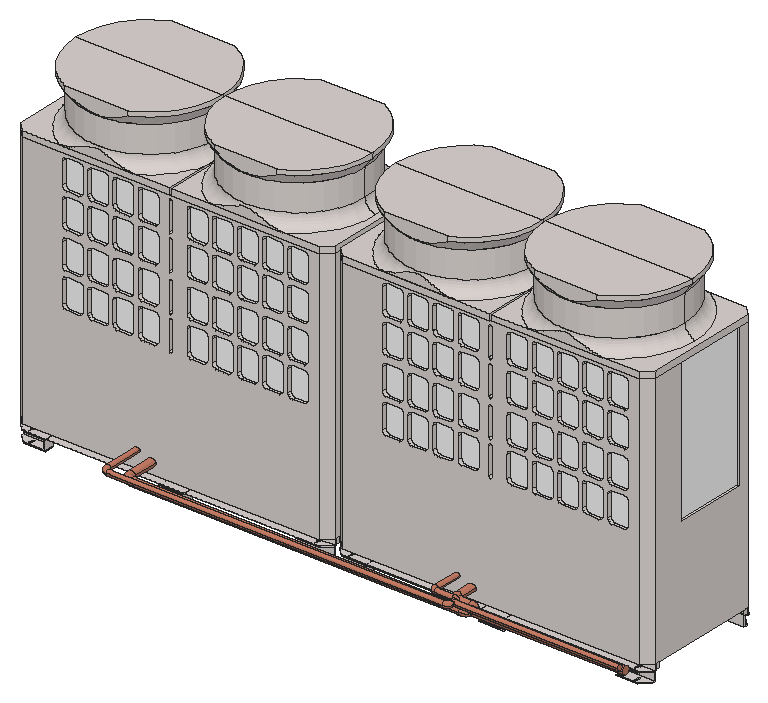
Revit family "PURY-P1000YSNW-A1", category 機械設備, Revit 2016 (continued)
Definition of nested family "PURY-P500YNW-A1"
  Lines and regions (mm)
    model lines
      curve 192: arc (-646, -370, 469) -> (-643.071, -370, 461.929) -> (-636, -370, 459) r 10
      curve 193: line (-191, -370, 584) -> (-636, -370, 584)
      curve 194: line (-636, -370, 564) -> (-191, -370, 564)
      curve 195: arc (-181, -370, 574) -> (-183.929, -370, 581.071) -> (-191, -370, 584) r 10
      curve 196: arc (-191, -370, 564) -> (-183.929, -370, 566.929) -> (-181, -370, 574) r 10
      curve 197: arc (-636, -370, 584) -> (-643.071, -370, 581.071) -> (-646, -370, 574) r 10
      curve 198: arc (-646, -370, 574) -> (-643.071, -370, 566.929) -> (-636, -370, 564) r 10
      curve 199: arc (-233, -370, 245) -> (-240.071, -370, 242.071) -> (-243, -370, 235) r 10
      curve 200: arc (192, 370, 269) -> (184.929, 370, 266.071) -> (182, 370, 259) r 10
      curve 201: arc (182, 370, 259) -> (184.929, 370, 251.929) -> (192, 370, 249) r 10
      curve 202: line (472, -370, 269) -> (192, -370, 269)
      curve 203: line (192, -370, 249) -> (472, -370, 249)
      curve 204: arc (482, -370, 259) -> (479.071, -370, 266.071) -> (472, -370, 269) r 10
      curve 205: arc (472, -370, 249) -> (479.071, -370, 251.929) -> (482, -370, 259) r 10
      curve 206: arc (647, 370, 259) -> (644.071, 370, 266.071) -> (637, 370, 269) r 10
      curve 207: arc (637, 370, 249) -> (644.071, 370, 251.929) -> (647, 370, 259) r 10
    reference lines
      curve 146: line (850.109, 344.891, 1509) -> (850.109, 344.891, 1224)
      curve 147: arc (857.18, 337.82, 1482) -> (850.109, 344.891, 1492) -> (843.038, 351.962, 1482) r 10
      curve 148: arc (843.038, 351.962, 1332) -> (850.109, 344.891, 1322) -> (857.18, 337.82, 1332) r 10
      curve 149: arc (857.18, 337.82, 1282) -> (850.109, 344.891, 1292) -> (843.038, 351.962, 1282) r 10
      curve 150: arc (843.038, 351.962, 1132) -> (850.109, 344.891, 1122) -> (857.18, 337.82, 1132) r 10
      curve 151: arc (857.18, 337.82, 1082) -> (850.109, 344.891, 1092) -> (843.038, 351.962, 1082) r 10
      curve 152: arc (843.038, 351.962, 932) -> (850.109, 344.891, 922) -> (857.18, 337.82, 932) r 10
      curve 153: arc (857.18, 337.82, 889.5) -> (850.109, 344.891, 899.5) -> (843.038, 351.962, 889.5) r 10
      curve 154: arc (843.038, 351.962, 739.5) -> (850.109, 344.891, 729.5) -> (857.18, 337.82, 739.5) r 10
  Dimensions and locks
    nested 3 to level = 60.000 mm
    nested 2 to nested 3 = 1495.000 mm
    nested 2 to nested 2 = 303.000 mm
    cut or joined group 1 (Extrusion 1, Extrusion 2, Extrusion 3, Extrusion 4, Extrusion 5, Extrusion 6, Extrusion 7, Extrusion 8, Extrusion 9, Extrusion 10, Extrusion 11, Extrusion 12, Extrusion 13, Extrusion 14, Extrusion 15, Extrusion 16, Extrusion 17, Extrusion 18, Extrusion 19, Extrusion 20, Extrusion 21, Extrusion 22, Extrusion 23, Extrusion 24, Extrusion 25, Extrusion 26, Extrusion 27, Extrusion 28, Extrusion 29, Extrusion 30, Extrusion 31, Extrusion 32, Extrusion 33, Extrusion 34, Extrusion 35, Extrusion 36, Extrusion 37, Extrusion 38, Extrusion 39, Extrusion 40, Extrusion 41, Extrusion 42, Extrusion 43, Extrusion 44, Extrusion 45, Extrusion 46, Extrusion 47) to cut or joined group 1 = 1750.000 mm
    nested 1 to nested 1 = 870.000 mm
    nested 2 to nested 2 = 870.000 mm
    nested 2 to cut or joined group 1 = 34.000 mm
    Extrusion 2 sketch curve to Extrusion 2 sketch curve = 116.800 mm
    Extrusion 2 sketch curve to Extrusion 2 sketch curve = 170.800 mm
    Extrusion 3 sketch curve to Extrusion 3 sketch curve = 116.800 mm
    Extrusion 3 sketch curve to Extrusion 3 sketch curve = 170.800 mm
    Extrusion 4 sketch curve to Extrusion 4 sketch curve = 116.800 mm
    Extrusion 4 sketch curve to Extrusion 4 sketch curve = 170.800 mm
    Extrusion 5 sketch curve to Extrusion 5 sketch curve = 116.800 mm
    Extrusion 5 sketch curve to Extrusion 5 sketch curve = 170.800 mm
    Extrusion 6 sketch curve to Extrusion 6 sketch curve = 116.800 mm
    Extrusion 6 sketch curve to Extrusion 6 sketch curve = 170.800 mm
    Extrusion 7 sketch curve to Extrusion 7 sketch curve = 116.800 mm
    Extrusion 7 sketch curve to Extrusion 7 sketch curve = 170.800 mm
    Extrusion 8 sketch curve to Extrusion 8 sketch curve = 116.800 mm
    Extrusion 8 sketch curve to Extrusion 8 sketch curve = 170.800 mm
    Extrusion 9 sketch curve to Extrusion 9 sketch curve = 116.800 mm
    Extrusion 9 sketch curve to Extrusion 9 sketch curve = 170.800 mm
    Extrusion 10 sketch curve to Extrusion 10 sketch curve = 116.800 mm
    Extrusion 10 sketch curve to Extrusion 10 sketch curve = 170.800 mm
    Extrusion 11 sketch curve to Extrusion 11 sketch curve = 116.800 mm
    Extrusion 11 sketch curve to Extrusion 11 sketch curve = 170.800 mm
    Extrusion 12 sketch curve to Extrusion 12 sketch curve = 116.800 mm
    Extrusion 12 sketch curve to Extrusion 12 sketch curve = 170.800 mm
    Extrusion 13 sketch curve to Extrusion 13 sketch curve = 116.800 mm
    Extrusion 13 sketch curve to Extrusion 13 sketch curve = 170.800 mm
    Extrusion 14 sketch curve to Extrusion 14 sketch curve = 116.800 mm
    Extrusion 14 sketch curve to Extrusion 14 sketch curve = 170.800 mm
    Extrusion 15 sketch curve to Extrusion 15 sketch curve = 116.800 mm
    Extrusion 15 sketch curve to Extrusion 15 sketch curve = 170.800 mm
    Extrusion 16 sketch curve to Extrusion 16 sketch curve = 116.800 mm
    Extrusion 16 sketch curve to Extrusion 16 sketch curve = 170.800 mm
    Extrusion 17 sketch curve to Extrusion 17 sketch curve = 116.800 mm
    Extrusion 17 sketch curve to Extrusion 17 sketch curve = 170.800 mm
    Extrusion 18 sketch curve to Extrusion 18 sketch curve = 116.800 mm
    Extrusion 18 sketch curve to Extrusion 18 sketch curve = 170.800 mm
    Extrusion 19 sketch curve to Extrusion 19 sketch curve = 116.800 mm
    Extrusion 19 sketch curve to Extrusion 19 sketch curve = 170.800 mm
    Extrusion 20 sketch curve to Extrusion 20 sketch curve = 116.800 mm
    Extrusion 20 sketch curve to Extrusion 20 sketch curve = 170.800 mm
    Extrusion 21 sketch curve to Extrusion 21 sketch curve = 116.800 mm
    Extrusion 21 sketch curve to Extrusion 21 sketch curve = 170.800 mm
    cut or joined group 1 to cut or joined group 1 = 50.000 mm
    Extrusion 22 sketch curve to Extrusion 22 sketch curve = 116.800 mm
    Extrusion 22 sketch curve to Extrusion 22 sketch curve = 170.800 mm
    Extrusion 23 sketch curve to Extrusion 23 sketch curve = 116.800 mm
    Extrusion 23 sketch curve to Extrusion 23 sketch curve = 170.800 mm
    Extrusion 24 sketch curve to Extrusion 24 sketch curve = 116.800 mm
    Extrusion 24 sketch curve to Extrusion 24 sketch curve = 170.800 mm
    Extrusion 25 sketch curve to Extrusion 25 sketch curve = 116.800 mm
    Extrusion 25 sketch curve to Extrusion 25 sketch curve = 170.800 mm
    Extrusion 26 sketch curve to Extrusion 26 sketch curve = 116.800 mm
    Extrusion 26 sketch curve to Extrusion 26 sketch curve = 170.800 mm
    Extrusion 27 sketch curve to Extrusion 27 sketch curve = 116.800 mm
    Extrusion 27 sketch curve to Extrusion 27 sketch curve = 170.800 mm
    Extrusion 28 sketch curve to Extrusion 28 sketch curve = 116.800 mm
    Extrusion 28 sketch curve to Extrusion 28 sketch curve = 170.800 mm
    Extrusion 29 sketch curve to Extrusion 29 sketch curve = 116.800 mm
    Extrusion 29 sketch curve to Extrusion 29 sketch curve = 170.800 mm
    Extrusion 30 sketch curve to Extrusion 30 sketch curve = 116.800 mm
    Extrusion 30 sketch curve to Extrusion 30 sketch curve = 170.800 mm
    Extrusion 31 sketch curve to Extrusion 31 sketch curve = 116.800 mm
    Extrusion 31 sketch curve to Extrusion 31 sketch curve = 170.800 mm
    Extrusion 32 sketch curve to Extrusion 32 sketch curve = 116.800 mm
    Extrusion 32 sketch curve to Extrusion 32 sketch curve = 170.800 mm
    Extrusion 33 sketch curve to Extrusion 33 sketch curve = 116.800 mm
    Extrusion 33 sketch curve to Extrusion 33 sketch curve = 170.800 mm
    Extrusion 34 sketch curve to Extrusion 34 sketch curve = 116.800 mm
    Extrusion 34 sketch curve to Extrusion 34 sketch curve = 170.800 mm
    Extrusion 35 sketch curve to Extrusion 35 sketch curve = 116.800 mm
    Extrusion 35 sketch curve to Extrusion 35 sketch curve = 170.800 mm
    Extrusion 36 sketch curve to Extrusion 36 sketch curve = 116.800 mm
    Extrusion 36 sketch curve to Extrusion 36 sketch curve = 170.800 mm
    Extrusion 37 sketch curve to Extrusion 37 sketch curve = 116.800 mm
    Extrusion 37 sketch curve to Extrusion 37 sketch curve = 170.800 mm
    nested 2 to level = 1858.000 mm
    cut or joined group 1 to nested 5 to nested 3 to nested 7 to cut or joined group 1 = 80.000 mm, 795.000 mm, 795.000 mm, 80.000 mm
    cut or joined group 1 to cut or joined group 1 = 740.000 mm
    cut or joined group 1 to curve 7 to curve 5 = 653.000 mm, 150.000 mm
    cut or joined group 1 to curve 4 to curve 6 = 79.000 mm, 94.000 mm
    curve 35 to cut or joined group 1 = 172.000 mm
    curve 34 to cut or joined group 1 = 152.000 mm
    curve 36 to cut or joined group 1 = 216.000 mm
    cut or joined group 1 to curve 35 = 110.000 mm
    cut or joined group 1 to curve 36 = 166.000 mm
    cut or joined group 1 to curve 34 = 185.000 mm
    cut or joined group 1 to curve 16 to curve 18 = 650.000 mm, 148.000 mm
    cut or joined group 1 to curve 24 = 132.000 mm
    cut or joined group 1 to curve 27 = 207.000 mm
    cut or joined group 1 to curve 25 = 256.000 mm
    curve 25 to nested 3 = 90.000 mm
    curve 27 to nested 3 = 125.000 mm
    curve 24 to nested 3 = 110.000 mm
    nested 1 to nested 1 = 740.000 mm
    nested 6 to nested 6 to nested 5 to nested 5 = 60.000 mm, 620.000 mm, 60.000 mm
    nested 3 to nested 3 = 20.000 mm
    nested 3 to plane 6 "front" = 54.000 mm
    nested 4 to nested 3 = 592.000 mm
    nested 4 to nested 4 = 20.000 mm
    plane 5 to nested 4 = 54.000 mm
    Extrusion 46 sketch curve to nested 3 = 116.000 mm
    Extrusion 47 sketch curve to nested 3 = 127.000 mm
    cut or joined group 1 to cut or joined group 1 = 185.000 mm
    cut or joined group 1 to nested 5 = 116.000 mm
    cut or joined group 1 to nested 5 = 127.000 mm
    cut or joined group 1 to plane 11 = 685.000 mm
    cut or joined group 1 to plane 12 = 768.000 mm
    aligned and locked: level to plane 2
    aligned and locked: plane 4 "panel_L" to Extrusion 1
    aligned and locked: Extrusion 1 to plane 5
    aligned and locked: plane 6 "front" to Extrusion 1
    aligned and locked: Extrusion 1 to plane 4 "panel_L"
    aligned and locked: nested 3 to curve 31
  Nested families
    nested 1: "FAN GUARD" at (-415, 0, 860), type "FAN GUARD"
      with WIDTH 870.000 mm
    nested 2: "FAN GUARD" at (415, 0, 860) x (-1, 0, 0) z (0, 0, 1), type "FAN GUARD"
      with WIDTH 870.000 mm
    nested 3: "BASE LEG" at (0, -352, 60), type "BASE LEG"
      with Width 1750.000 mm
    nested 4: "BASE LEG" at (0, 352, 60), type "BASE LEG"
      with Width 1750.000 mm
    nested 5: "ATTACHMENT LEG" at (-789, -352, 0), type "ATTACHMENT LEG"
    nested 6: "ATTACHMENT LEG" at (-789, 352, 0), type "ATTACHMENT LEG"
    nested 7: "ATTACHMENT LEG" at (789, -352, 0) x (-1, 0, 0) z (0, 0, 1), type "ATTACHMENT LEG"
    nested 8: "ATTACHMENT LEG" at (789, 352, 0) x (-1, 0, 0) z (0, 0, 1), type "ATTACHMENT LEG"
    nested 9: "ATTACHMENT LEG_XL" at (0, 352, 0) x (-1, 0, 0) z (0, 0, 1), type "ATTACHMENT LEG_XL"
    nested 10: "ATTACHMENT LEG_XL" at (0, -352, 0), type "ATTACHMENT LEG_XL"
  Connectors
    electrical at (-233.5, -370, 279)
      settings: index 1, voltage 380 V, apparent load 0 VA, apparent load phase1 0 VA, apparent load phase2 0 VA, apparent load phase3 0 VA, power factor 1, load classification none, number of poles 3, system type 30, power factor state 1, is connector primary yes, connector utility no, sub classification motor no, connector description ""
    piping at (-107, -185, 187), diameter 28.58, driven by "Gas pipe_radius"
      settings: on cut or joined group 1, index 2, connector inside diameter 28.58 mm, connector length 0.000 mm, flow factor 0, pipe flow 0.0 L/s, pressure drop 0.0 Pa, fitting loss kfactor 0, connector angle 0.00°, fixture units 0, engagement length 0.000 mm, angle of deflection 0.00°, flow configuration 0, flow direction 0, fitting loss method 0, system type 22, joint type 0, gender type 0, connector reference index -1, connector utility 0, adjustable connector no, is connector primary yes, connector description "Refrigerant service valve <gas>"
    piping at (-190, -185, 176), diameter 25.4, driven by "Liquid pipe_radius"
      settings: on cut or joined group 1, index 3, connector inside diameter 25.4 mm, connector length 0.000 mm, flow factor 0, pipe flow 0.0 L/s, pressure drop 0.0 Pa, fitting loss kfactor 0, connector angle 0.00°, fixture units 0, engagement length 0.000 mm, angle of deflection 0.00°, flow configuration 0, flow direction 0, fitting loss method 0, system type 22, joint type 0, gender type 0, connector reference index -1, connector utility 0, adjustable connector no, is connector primary no, connector description "Refrigerant service valve <liquid>"
  Definition of nested family "FAN GUARD"
    Parameters
      WIDTH [instance] = 870.000 mm
    Reference planes
      plane 1 "中心(正面/背面)": y = 0
      plane 2: z = 0
      plane 3 "中心(左/右)": x = 0
      plane 4 "ファンガード基準面": z = 661
      plane 5: y = 370
      plane 6: y = -370
      plane 7: x = 410
      plane 8: x = -460
      plane 9 "ファンガード基準上面": z = 695
      plane 10 "ファンガード上面": z = 998
      plane 11: x = 410
      plane 12: x = -460
    Forms (mm)
      Extrusion 1, solid
        sketch origin (0, 0, 661) x (-1, 0, 0) y (0, -1, 0)
          loop
            line (410, -370) -> (460, -320) -> (460, 320) -> (410, 370) -> (-410, 370) -> (-410, -370) -> (410, -370)
        from 0 to 34
      Revolve 2, solid
        sketch origin (0, 0, 0) x (1, 0, 0) y (0, 0, 1)
          loop
            line (0, 695) -> (0, 998) -> (-408.829, 998) -> (-408.829, 972.327) -> (-368.829, 915.201) -> (-368.829, 765.141)
            arc (-368.829, 765.141) -> (-384.109, 720.678) -> (-423.494, 695) r 72.332
            line (-423.494, 695) -> (0, 695)
          axis (0, 998) -> (0, 695)
        angle from 0 to 360
      Extrusion 3, void
        sketch origin (0, 0, 695) x (-1, 0, 0) y (0, -1, 0)
          loop
            line (345, -370) -> (-345, -370) -> (-345, -545) -> (345, -545) -> (345, -370)
          loop
            line (345, 370) -> (345, 539.592) -> (-345, 539.592) -> (-345, 370) -> (345, 370)
        from 0 to 400
      Extrusion 4, void
        sketch origin (0, 0, 695) x (-1, 0, 0) y (0, -1, 0)
          loop
            line (-410, -160) -> (-410, 160) -> (-450, 160) -> (-450, -160) -> (-410, -160)
        from 0 to 250
    Cuts and joins
      Extrusion 3, Extrusion 4 cuts Revolve 2
    Lines and regions (mm)
      model lines
        curve 1: line (-408.829, 0, 998) -> (-80, 0, 998)
        curve 2: line (80, 0, 998) -> (408.829, 0, 998)
        curve 3: circle (0, 0, 998) r 80 normal (0, 0, 1)
        curve 4: line (-400, -80, 998) -> (400.925, -80, 998)
        curve 5: line (-376.219, -160, 998) -> (376.219, -160, 998)
        curve 6: line (-330.97, -240, 998) -> (330.97, -240, 998)
        curve 7: line (-254.442, -320, 998) -> (254.442, -320, 998)
        curve 8: line (-400.925, 80, 998) -> (400.925, 80, 998)
        curve 9: line (-376.219, 160, 998) -> (376.219, 160, 998)
        curve 10: line (-330.97, 240, 998) -> (330.97, 240, 998)
        curve 11: line (-254.442, 320, 998) -> (254.442, 320, 998)
        curve 12: line (0, 370, 998) -> (0, -370, 998)
        curve 13: line (-20, 370, 998) -> (-20, -370, 998)
        curve 14: line (-40, 370, 998) -> (-40, -370, 998)
        curve 15: line (-60, 370, 998) -> (-60, -370, 998)
        curve 16: line (-80, 370, 998) -> (-80, -370, 998)
        curve 17: line (20, 370, 998) -> (20, -370, 998)
        curve 18: line (40, 370, 998) -> (40, -370, 998)
        curve 19: line (60, 370, 998) -> (60, -370, 998)
        curve 20: line (80, 370, 998) -> (80, -370, 998)
        curve 21: line (100, 370, 998) -> (100, -370, 998)
        curve 22: line (120, 370, 998) -> (120, -370, 998)
        curve 23: line (140, 370, 998) -> (140, -370, 998)
        curve 24: line (160, 370, 998) -> (160, -370, 998)
        curve 25: line (180, 367.071, 998) -> (180, -367.071, 998)
        curve 26: line (200, 356.568, 998) -> (200, -356.568, 998)
        curve 27: line (220, 344.588, 998) -> (220, -344.588, 998)
        curve 28: line (240, 330.97, 998) -> (240, -330.97, 998)
        curve 29: line (260, 315.501, 998) -> (260, -315.501, 998)
        curve 30: line (280, 297.894, 998) -> (280, -297.894, 998)
        curve 31: line (300, 277.743, 998) -> (300, -277.743, 998)
        curve 32: line (320, 254.442, 998) -> (320, -254.442, 998)
        curve 33: line (340, 227.026, 998) -> (340, -227.026, 998)
        curve 34: line (360, 193.755, 998) -> (360, -193.755, 998)
        curve 35: line (380, 150.801, 998) -> (380, -150.801, 998)
        curve 36: line (400, 84.504, 998) -> (400, -84.504, 998)
        curve 37: line (-100, 370, 998) -> (-100, -370, 998)
        curve 38: line (-120, 370, 998) -> (-120, -370, 998)
        curve 39: line (-140, 370, 998) -> (-140, -370, 998)
        curve 40: line (-160, 370, 998) -> (-160, -370, 998)
        curve 41: line (-180, 367.071, 998) -> (-180, -367.071, 998)
        curve 42: line (-200, 356.568, 998) -> (-200, -356.568, 998)
        curve 43: line (-220, 344.588, 998) -> (-220, -344.588, 998)
        curve 44: line (-240, 330.97, 998) -> (-240, -330.97, 998)
        curve 45: line (-260, 315.501, 998) -> (-260, -315.501, 998)
        curve 46: line (-280, 297.894, 998) -> (-280, -297.894, 998)
        curve 47: line (-300, 277.743, 998) -> (-300, -277.743, 998)
        curve 48: line (-320, 254.442, 998) -> (-320, -254.442, 998)
        curve 49: line (-340, 227.026, 998) -> (-340, -227.026, 998)
        curve 50: line (-360, 193.755, 998) -> (-360, -193.755, 998)
        curve 51: line (-380, 150.801, 998) -> (-380, -150.801, 998)
        curve 52: line (-400, 84.504, 998) -> (-400, -84.504, 998)
        curve 53: line (10, 79.373, 998) -> (10, -79.373, 998)
        curve 54: line (-10, 79.373, 998) -> (-10, -79.373, 998)
        curve 55: line (30, 74.162, 998) -> (30, -74.162, 998)
        curve 56: line (50, 62.45, 998) -> (50, -62.45, 998)
        curve 57: line (70, 38.73, 998) -> (70, -38.73, 998)
        curve 58: line (-30, 74.162, 998) -> (-30, -74.162, 998)
        curve 59: line (-50, 62.45, 998) -> (-50, -62.45, 998)
        curve 60: line (-70, 38.73, 998) -> (-70, -38.73, 998)
    Dimensions and locks
      "WIDTH": plane 8 to plane 7
      locked: plane 6 to plane 5 at 740
      plane 8 to plane 3 "中心(左/右)" to plane 7 = 460.000 mm, 410.000 mm
      equal spacing: plane 6, plane 1 "中心(正面/背面)", plane 5
      plane 3 "中心(左/右)" to Revolve 2 sketch curve = 408.829 mm
      locked: plane 10 "ファンガード上面" to plane 9 "ファンガード基準上面" at 303
      locked: plane 12 to plane 11 at 870
      locked: plane 3 "中心(左/右)" to plane 11 at 410
      locked: plane 12 to plane 3 "中心(左/右)" at 460
      plane 9 "ファンガード基準上面" to plane 4 "ファンガード基準面" = 34.000 mm
      aligned and locked: level to plane 2
      aligned and locked: plane 5 to Extrusion 1 sketch curve
      aligned and locked: Extrusion 1 sketch curve to plane 6
      aligned and locked: plane 8 to Extrusion 1 sketch curve
      aligned and locked: plane 7 to Extrusion 1 sketch curve
      aligned and locked: plane 9 "ファンガード基準上面" to Extrusion 1
      aligned and locked: plane 4 "ファンガード基準面" to Extrusion 1
      aligned and locked: plane 9 "ファンガード基準上面" to Revolve 2 sketch curve
      aligned and locked: Revolve 2 sketch curve to plane 3 "中心(左/右)"
      aligned and locked: cut or joined group of Revolve 2, Extrusion 3, Extrusion 4 to plane 10 "ファンガード上面"
      aligned and locked: plane 11 to Extrusion 1
      aligned and locked: Extrusion 1 to plane 12
    Automatic sketch dimensions
      plane 8 to Extrusion 1 sketch curve = 50.000 mm  (x2)
      plane 5 to Extrusion 1 sketch curve = 50.000 mm
      Extrusion 1 sketch curve to plane 6 = 50.000 mm
      plane 3 "中心(左/右)" to Extrusion 3 sketch curve = 345.000 mm  (x2)
      Extrusion 3 sketch curve to plane 3 "中心(左/右)" = 345.000 mm  (x2)
      Extrusion 3 sketch curve to Extrusion 3 sketch curve = 175.000 mm
      Extrusion 3 sketch curve to Extrusion 3 sketch curve = 169.592 mm
      plane 1 "中心(正面/背面)" to curve 2 = 0.000 mm
      plane 1 "中心(正面/背面)" to curve 3 = 0.000 mm
      curve 3 to plane 3 "中心(左/右)" = 0.000 mm
      curve 12 to plane 3 "中心(左/右)" = 0.000 mm
      plane 1 "中心(正面/背面)" to curve 1 = 0.000 mm
      plane 3 "中心(左/右)" to curve 53 = 10.000 mm
      curve 17 to curve 12 = 20.000 mm
      curve 55 to curve 53 = 20.000 mm
      curve 18 to curve 17 = 20.000 mm
      curve 56 to curve 55 = 20.000 mm
      curve 19 to curve 18 = 20.000 mm
      curve 57 to curve 56 = 20.000 mm
      curve 20 to curve 19 = 20.000 mm
      curve 2 to curve 57 = 10.000 mm
      curve 21 to curve 20 = 20.000 mm
      curve 22 to curve 21 = 20.000 mm
      curve 23 to curve 22 = 20.000 mm
      curve 24 to curve 23 = 20.000 mm
      curve 25 to curve 24 = 20.000 mm
      curve 26 to curve 25 = 20.000 mm
      curve 27 to curve 26 = 20.000 mm
      curve 28 to curve 27 = 20.000 mm
      curve 29 to curve 28 = 20.000 mm
      curve 29 to curve 11 = 5.558 mm
      curve 29 to curve 7 = 5.558 mm
      curve 30 to curve 7 = 25.558 mm
      curve 31 to curve 30 = 20.000 mm
      curve 32 to curve 31 = 20.000 mm
      curve 33 to curve 32 = 20.000 mm
      curve 33 to curve 6 = 9.030 mm
      curve 33 to curve 10 = 9.030 mm
      curve 34 to curve 10 = 29.030 mm
      curve 35 to curve 34 = 20.000 mm
      curve 35 to curve 9 = 3.781 mm
      curve 35 to curve 5 = 3.781 mm
      curve 36 to curve 9 = 23.781 mm
      curve 8 to curve 36 = 0.925 mm
      curve 4 to curve 36 = 0.925 mm
      curve 54 to plane 3 "中心(左/右)" = 10.000 mm
      curve 13 to plane 3 "中心(左/右)" = 20.000 mm
      curve 54 to curve 58 = 20.000 mm
      curve 13 to curve 14 = 20.000 mm
      curve 58 to curve 59 = 20.000 mm
      curve 14 to curve 15 = 20.000 mm
      curve 59 to curve 60 = 20.000 mm
      curve 15 to curve 16 = 20.000 mm
      curve 16 to curve 37 = 20.000 mm
      curve 37 to curve 38 = 20.000 mm
      curve 38 to curve 39 = 20.000 mm
      curve 39 to curve 40 = 20.000 mm
      curve 40 to curve 41 = 20.000 mm
      curve 41 to curve 42 = 20.000 mm
      curve 42 to curve 43 = 20.000 mm
      curve 43 to curve 44 = 20.000 mm
      curve 44 to curve 45 = 20.000 mm
      curve 7 to curve 45 = 5.558 mm
      curve 11 to curve 45 = 5.558 mm
      curve 7 to curve 46 = 25.558 mm
      curve 46 to curve 47 = 20.000 mm
      curve 47 to curve 48 = 20.000 mm
      curve 48 to curve 49 = 20.000 mm
      curve 6 to curve 49 = 9.030 mm
      curve 10 to curve 49 = 9.030 mm
      curve 10 to curve 50 = 29.030 mm
      curve 50 to curve 51 = 20.000 mm
      curve 9 to curve 51 = 3.781 mm
      curve 5 to curve 51 = 3.781 mm
      curve 5 to curve 52 = 23.781 mm
      curve 52 to curve 8 = 0.925 mm
      curve 8 to plane 1 "中心(正面/背面)" = 80.000 mm
      curve 36 to curve 8 = 4.504 mm
      curve 52 to curve 8 = 4.504 mm
      curve 9 to curve 36 = 75.496 mm
      curve 9 to curve 51 = 9.199 mm
      curve 9 to curve 35 = 9.199 mm
      curve 50 to curve 51 = 42.954 mm
      curve 34 to curve 35 = 42.954 mm
      curve 10 to curve 50 = 46.245 mm
      curve 10 to curve 33 = 12.974 mm
      curve 10 to curve 49 = 12.974 mm
      curve 48 to curve 49 = 27.416 mm
      curve 32 to curve 33 = 27.416 mm
      curve 47 to curve 48 = 23.300 mm
      curve 31 to curve 32 = 23.300 mm
      curve 46 to curve 47 = 20.152 mm
      curve 30 to curve 31 = 20.152 mm
      curve 11 to curve 30 = 22.106 mm
      curve 11 to curve 29 = 4.499 mm
      curve 11 to curve 45 = 4.499 mm
      curve 28 to curve 29 = 15.469 mm
      curve 44 to curve 45 = 15.469 mm
      curve 43 to curve 44 = 13.618 mm
      curve 27 to curve 28 = 13.618 mm
      curve 12 to curve 27 = 25.412 mm
      curve 12 to curve 21 = 0.000 mm
      curve 13 to curve 12 = 0.000 mm
      curve 14 to curve 13 = 0.000 mm  (x2)
      curve 12 to curve 18 = 0.000 mm
      curve 21 to curve 23 = 0.000 mm
      curve 42 to curve 43 = 11.980 mm
      curve 23 to curve 24 = 0.000 mm  (x2)
      curve 41 to curve 42 = 10.502 mm
      curve 24 to curve 25 = 2.929 mm
      curve 40 to curve 41 = 2.929 mm
      curve 25 to curve 26 = 10.502 mm
      curve 40 to curve 39 = 0.000 mm  (x2)
      curve 20 to curve 21 = 0.000 mm  (x2)
      curve 39 to curve 38 = 0.000 mm  (x2)
      curve 15 to curve 14 = 0.000 mm
      curve 38 to curve 37 = 0.000 mm
      curve 37 to curve 16 = 0.000 mm  (x2)
      curve 18 to curve 19 = 0.000 mm  (x2)
      curve 12 to curve 17 = 0.000 mm  (x2)
      curve 21 to curve 22 = 0.000 mm  (x2)
      curve 4 to curve 36 = 4.504 mm
      curve 4 to curve 52 = 4.504 mm
      curve 36 to curve 5 = 75.496 mm
      curve 51 to curve 5 = 9.199 mm
      curve 35 to curve 5 = 9.199 mm
      curve 35 to curve 34 = 42.954 mm
      curve 51 to curve 50 = 42.954 mm
      curve 50 to curve 6 = 46.245 mm
      curve 49 to curve 6 = 12.974 mm
      curve 33 to curve 6 = 12.974 mm
      curve 49 to curve 48 = 27.416 mm
      curve 33 to curve 32 = 27.416 mm
      curve 48 to curve 47 = 23.300 mm
      curve 32 to curve 31 = 23.300 mm
      curve 47 to curve 46 = 20.152 mm
      curve 31 to curve 30 = 20.152 mm
      curve 30 to curve 7 = 22.106 mm
      curve 45 to curve 7 = 4.499 mm
      curve 29 to curve 7 = 4.499 mm
      curve 29 to curve 28 = 15.469 mm
      curve 45 to curve 44 = 15.469 mm
      curve 44 to curve 43 = 13.618 mm
      curve 28 to curve 27 = 13.618 mm
      curve 43 to curve 13 = 25.412 mm
      curve 27 to curve 23 = 25.412 mm
      curve 15 to curve 13 = 0.000 mm
      curve 43 to curve 41 = 22.483 mm
      curve 42 to curve 41 = 10.502 mm
      curve 16 to curve 15 = 0.000 mm
      curve 41 to curve 40 = 2.929 mm
      curve 25 to curve 24 = 2.929 mm
      curve 26 to curve 25 = 10.502 mm
      curve 22 to curve 23 = 0.000 mm
      curve 13 to curve 17 = 0.000 mm
      curve 17 to curve 19 = 0.000 mm
      Revolve 2 sketch curve to plane 10 "ファンガード上面" = 0.000 mm
      Revolve 2 sketch curve to plane 3 "中心(左/右)" = 0.000 mm
      Revolve 2 sketch curve to Revolve 2 sketch curve = 14.665 mm
      Revolve 2 sketch curve to Revolve 2 sketch curve = 17.668 mm
      Revolve 2 sketch curve to plane 10 "ファンガード上面" = 82.799 mm
      Revolve 2 sketch curve to Revolve 2 sketch curve = 40.000 mm
      Revolve 2 sketch curve to level = 1700.815 mm
      Revolve 2 sketch curve to plane 10 "ファンガード上面" = 25.673 mm
      Revolve 2 sketch curve to Revolve 2 sketch curve = 790.769 mm
      curve 4 to curve 1 = 8.829 mm
      curve 2 to curve 4 = 7.904 mm
      plane 1 "中心(正面/背面)" to curve 4 = 80.000 mm
      Extrusion 4 sketch curve to plane 1 "中心(正面/背面)" = 160.000 mm
      plane 3 "中心(左/右)" to Extrusion 4 sketch curve = 450.000 mm
      Extrusion 4 sketch curve to Extrusion 4 sketch curve = 40.000 mm
      plane 1 "中心(正面/背面)" to Extrusion 4 sketch curve = 160.000 mm
      Extrusion 3 sketch curve to plane 1 "中心(正面/背面)" = 545.000 mm
      plane 1 "中心(正面/背面)" to Extrusion 3 sketch curve = 370.000 mm
  Definition of nested family "BASE LEG"
    Parameters
      Width [instance] = 920.000 mm
    Reference planes
      plane 1 "中心(正面/背面)": y = 0
      plane 2: z = 0
      plane 3 "中心(左/右)": x = 0
      plane 4: x = 460
      plane 5: x = -460
      plane 6: x = -380
      plane 7: x = 380
      plane 8: y = -18
      plane 9: y = 39
      plane 10: z = 53
      plane 11: y = 42
      plane 12: y = 27
      plane 13: x = 415
      plane 14: x = -415
      plane 15: z = 8
      plane 16: y = 11.5
      plane 17: z = 35
    Forms (mm)
      Extrusion 1, solid
        sketch origin (0, 0, 0) x (0, 1, 0) y (0, 0, 1)
          loop
            line (-18, 0) -> (36, 0) -> (36, 32) -> (56, 32) -> (56, 35) -> (33, 35) -> (33, 3) -> (-18, 3) -> (-18, 0)
        from -460 to 460
      Extrusion 2, void
        sketch origin (0, 0, 0) x (1, 0, 0) y (0, 1, 0)
          loop
            line (415, -18) -> (460, -18) -> (460, 27) -> (415, -18)
          loop
            line (-415, -18) -> (-460, 27) -> (-460, -18) -> (-415, -18)
        from 0 to 250
      Extrusion 3, void
        sketch origin (0, 12.023, 0) x (1, 0, 0) y (0, 1, 0)
          loop
            arc (373, -2.971) -> (380, -9.971) -> (387, -2.971) r 7
            line (387, -2.971) -> (387, 3.023)
            arc (387, 3.023) -> (380, 10.023) -> (373, 3.023) r 7
            line (373, 3.023) -> (373, -2.971)
          loop
            line (-373, -2.971) -> (-373, 3.023)
            arc (-373, 3.023) -> (-380, 10.023) -> (-387, 3.023) r 7
            line (-387, 3.023) -> (-387, -2.971)
            arc (-387, -2.971) -> (-380, -9.971) -> (-373, -2.971) r 7
        from 0 to 250
      Extrusion 4, solid
        sketch origin (0, 0, -3) x (1, 0, 0) y (0, 0, 1)
          loop
            line (457, 8) -> (460, 8) -> (460, 35) -> (457, 35) -> (457, 8)
          loop
            line (-457, 8) -> (-457, 35) -> (-460, 35) -> (-460, 8) -> (-457, 8)
        from -36 to -56
      Extrusion 5, solid
        sketch origin (150, 352, 0) x (1, 0, 0) y (0, 1, 0)
          loop
            line (310, -319) -> (305, -319) -> (305, -320) -> (255, -370) -> (260, -370) -> (310, -320) -> (310, -319)
        from 3 to 35
      Extrusion 6, void
        sketch origin (410, -18, 0) x (0.707107, 0.707107, 0) y (0, 0, 1)
          loop
            line (70.711, 3) -> (-6.741, 39.767) -> (-6.741, 3) -> (70.711, 3)
        from -190.256 to 23.776
      Extrusion 7, solid
        sketch origin (-150, 352, 0) x (-1, 0, 0) y (0, -1, 0)
          loop
            line (310, 319) -> (310, 320) -> (260, 370) -> (255, 370) -> (305, 320) -> (305, 319) -> (310, 319)
        from 3 to 35
      Extrusion 8, void
        sketch origin (-410, -18, 0) x (0.707107, -0.707107, 0) y (0, 0, -1)
          loop
            line (-70.711, -3) -> (0, -35) -> (6.741, -35) -> (6.741, -3) -> (-70.711, -3)
        from -190.256 to 23.776
    Cuts and joins
      Extrusion 2, Extrusion 3 cuts Extrusion 1
      joined: Extrusion 1, Extrusion 4
      Extrusion 8 cuts Extrusion 7
      Extrusion 6 cuts Extrusion 5
    Dimensions and locks
      "Width": plane 5 to plane 4
      equal spacing: plane 5, plane 3 "中心(左/右)", plane 4
      locked: plane 5 to plane 6 at 80
      locked: plane 7 to plane 4 at 80
      locked: plane 8 to plane 9 at 57
      locked: plane 10 to level at 53
      locked: plane 9 to plane 11 at 3
      plane 8 to plane 12 = 45.000 mm
      locked: plane 13 to plane 4 at 45
      locked: plane 5 to plane 14 at 45
      equal spacing: Extrusion 3 sketch curve, plane 7, Extrusion 3 sketch curve
      equal spacing: Extrusion 3 sketch curve, plane 6, Extrusion 3 sketch curve
      locked: plane 10 to plane 15 at 45
      locked: cut or joined group of Extrusion 1, Extrusion 2, Extrusion 3, Extrusion 4 to Extrusion 4 sketch curve at 3  (x2)
      locked: plane 8 to plane 16 at 29.5
      plane 8 to plane 11 = 60.000 mm
      cut or joined group of Extrusion 1, Extrusion 2, Extrusion 3, Extrusion 4 to cut or joined group of Extrusion 1, Extrusion 2, Extrusion 3, Extrusion 4 = 35.000 mm
      aligned and locked: level to plane 2
      aligned and locked: plane 8 to Extrusion 1 sketch curve
      aligned and locked: plane 4 to Extrusion 1
      aligned and locked: Extrusion 1 to plane 5
      aligned and locked: Extrusion 2 sketch curve to plane 4
      aligned and locked: Extrusion 2 sketch curve to plane 8
      aligned and locked: plane 12 to Extrusion 2 sketch curve
      aligned and locked: plane 13 to Extrusion 2 sketch curve
      aligned and locked: plane 4 to Extrusion 4 sketch curve
      aligned and locked: plane 5 to Extrusion 4 sketch curve
      aligned and locked: cut or joined group of Extrusion 7, Extrusion 8 to cut or joined group of Extrusion 1, Extrusion 2, Extrusion 3, Extrusion 4
    Automatic sketch dimensions
      Extrusion 3 sketch curve to plane 1 "中心(正面/背面)" = 9.052 mm  (x2)
      Extrusion 3 sketch curve to plane 7 = 7.000 mm
      Extrusion 3 sketch curve to plane 1 "中心(正面/背面)" = 15.046 mm  (x2)
      Extrusion 3 sketch curve to plane 6 = 7.000 mm
      Extrusion 2 sketch curve to plane 5 = 0.000 mm
      plane 8 to Extrusion 2 sketch curve = 0.000 mm
      Extrusion 2 sketch curve to plane 14 = 0.000 mm
      plane 12 to Extrusion 2 sketch curve = 0.000 mm
      Extrusion 4 sketch curve to plane 10 = 21.000 mm
      plane 7 to Extrusion 5 sketch curve = 25.000 mm
      Extrusion 5 sketch curve to Extrusion 5 sketch curve = 5.000 mm  (x2)
      plane 7 to Extrusion 5 sketch curve = 75.000 mm
      plane 8 to Extrusion 5 sketch curve = 0.000 mm
      Extrusion 5 sketch curve to Extrusion 5 sketch curve = 50.000 mm
      Extrusion 5 sketch curve to Extrusion 5 sketch curve = 0.000 mm
      Extrusion 5 sketch curve to Extrusion 5 sketch curve = 1.000 mm
      Extrusion 6 sketch curve to Extrusion 5 = 0.000 mm  (x2)
      Extrusion 6 sketch curve to Extrusion 5 = 6.741 mm
      Extrusion 6 sketch curve to Extrusion 5 = 4.767 mm
      plane 6 to Extrusion 7 sketch curve = 25.000 mm
      Extrusion 7 sketch curve to Extrusion 7 sketch curve = 5.000 mm  (x2)
      Extrusion 7 sketch curve to Extrusion 7 sketch curve = 45.000 mm
      Extrusion 7 sketch curve to plane 8 = 0.000 mm
      Extrusion 7 sketch curve to Extrusion 7 sketch curve = 50.000 mm
      Extrusion 7 sketch curve to Extrusion 7 sketch curve = 0.000 mm
      Extrusion 7 sketch curve to Extrusion 7 sketch curve = 1.000 mm
      Extrusion 8 sketch curve to Extrusion 7 = 0.000 mm  (x2)
      Extrusion 7 to Extrusion 8 sketch curve = 0.000 mm  (x2)
      Extrusion 7 to Extrusion 8 sketch curve = 6.741 mm
      Extrusion 4 sketch curve to plane 17 = 3.000 mm
      Extrusion 4 sketch curve to plane 15 = 3.000 mm  (x2)
      Extrusion 1 sketch curve to plane 17 = 0.000 mm
      Extrusion 1 sketch curve to level = 0.000 mm
      level to Extrusion 1 sketch curve = 3.000 mm
      plane 9 to Extrusion 1 sketch curve = 6.000 mm
      plane 9 to Extrusion 1 sketch curve = 3.000 mm
      Extrusion 1 sketch curve to plane 17 = 3.000 mm
      Extrusion 1 sketch curve to plane 11 = 14.000 mm
  Definition of nested family "ATTACHMENT LEG"
    Parameters
      Width = 145.000 mm
    Reference planes
      plane 1: z = 0
      plane 2 "中心(左/右)": x = -6
      plane 3: x = -52
      plane 4: x = 85
      plane 5: x = 93
      plane 6: y = -18
      plane 7: y = 27
      plane 8: x = -30
      plane 9: y = 42
      plane 10: z = 60
      plane 11: z = 57
      plane 12: z = 3
      plane 13: x = 82
      plane 14: y = 39
      plane 15: x = -75
      plane 16: y = 32
      plane 17 "幅": x = 93
      plane 18: y = 5.5
      plane 19: y = 21
      plane 20: y = -10
    Forms (mm)
      Extrusion 1, solid
        sketch origin (0, 0, 0) x (1, 0, 0) y (0, 1, 0)
          loop
            line (-75, 42) -> (-75, 27) -> (-30, -18) -> (93, -18) -> (93, 32) -> (85, 32) -> (85, 42) -> (-75, 42)
        from 0 to 60
      Extrusion 2, void
        sketch origin (0, 0, 0) x (1, 0, 0) y (0, 0, 1)
          loop
            line (-75, 57) -> (-75, 3) -> (82, 3) -> (82, 57) -> (-75, 57)
          loop
            line (93, 57) -> (85, 57) -> (85, 3) -> (93, 3) -> (93, 57)
        from -39 to 18
      Extrusion 3, void
        sketch origin (-6, 5.5, 0) x (1, 0, 0) y (0, 1, 0)
          loop
            arc (-7, -8.5) -> (0, -15.5) -> (7, -8.5) r 7
            line (7, -8.5) -> (7, 8.5)
            arc (7, 8.5) -> (0, 15.5) -> (-7, 8.5) r 7
            line (-7, 8.5) -> (-7, -8.5)
        from 0 to 60
    Cuts and joins
      Extrusion 2, Extrusion 3 cuts Extrusion 1
    Dimensions and locks
      locked: plane 3 to plane 4 at 137
      locked: plane 3 to plane 5 at 145
      plane 6 to plane 7 = 45.000 mm
      locked: plane 6 to plane 9 at 60
      locked: plane 10 to level at 60
      Extrusion 3 sketch curve to plane 2 "中心(左/右)" = 7.000 mm
      locked: plane 15 to plane 2 "中心(左/右)" at 69
      locked: plane 15 to plane 8 at 45
      locked: plane 6 to plane 18 at 23.5
      cut or joined group of Extrusion 1, Extrusion 2, Extrusion 3 to cut or joined group of Extrusion 1, Extrusion 2, Extrusion 3 = 168.000 mm
      aligned and locked: level to plane 1
      aligned and locked: plane 9 to Extrusion 1 sketch curve
      aligned and locked: Extrusion 1 sketch curve to plane 4
      aligned and locked: Extrusion 1 sketch curve to plane 5
      aligned and locked: Extrusion 1 sketch curve to plane 6
      aligned: plane 8 to Extrusion 1 sketch curve
      aligned and locked: plane 10 to Extrusion 1
      aligned and locked: Extrusion 2 sketch curve to plane 11
      aligned: plane 3 to Extrusion 2 sketch curve
      aligned and locked: plane 12 to Extrusion 2 sketch curve
      aligned and locked: Extrusion 2 sketch curve to plane 13
      aligned and locked: plane 6 to Extrusion 2
      aligned and locked: Extrusion 2 to plane 14
      aligned and locked: plane 11 to Extrusion 2 sketch curve
      aligned and locked: plane 5 to Extrusion 2 sketch curve
      aligned and locked: Extrusion 2 sketch curve to plane 12
      aligned and locked: Extrusion 2 sketch curve to plane 4
      aligned and locked: plane 15 to Extrusion 1 sketch curve
      aligned and locked: plane 8 to Extrusion 1 sketch curve
      aligned and locked: Extrusion 2 sketch curve to cut or joined group of Extrusion 1, Extrusion 2, Extrusion 3
      aligned and locked: Extrusion 1 to plane 16
  Definition of nested family "ATTACHMENT LEG_XL"
    Parameters
      Width = 145.000 mm
    Reference planes
      plane 1: z = 0
      plane 2 "中心(左/右)": x = 0
      plane 3: x = -72.5
      plane 4: x = 72.5
      plane 5: y = -18
      plane 6: y = 42
      plane 7: z = 60
      plane 8: z = 57
      plane 9: z = 3
      plane 10: y = 5.5
    Forms (mm)
      Extrusion 1, solid
        sketch origin (0, 0, 0) x (1, 0, 0) y (0, 1, 0)
          loop
            line (-72.5, 42) -> (-72.5, -18) -> (72.5, -18) -> (72.5, 42) -> (-72.5, 42)
        from 0 to 60
      Extrusion 2, void
        sketch origin (67.561, -18, 0) x (1, 0, 0) y (0, 0, -1)
          loop
            line (-140.061, -57) -> (-132.061, -57) -> (-132.061, -3) -> (-140.061, -3) -> (-140.061, -57)
